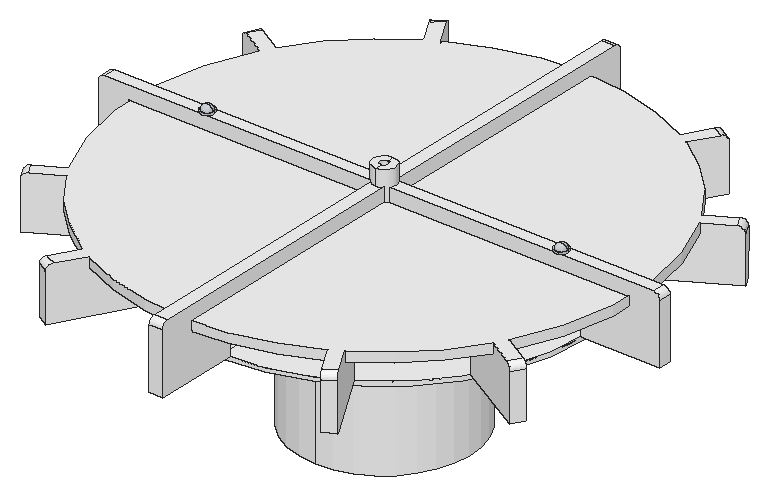
Revit family "MH-500-28", category Plumbing Fixtures, host Face, Revit 2018
Family settings
  Host = Face
  Round Connector Dimension = Use Radius
  Part Type = Normal
  Cut with Voids When Loaded = No
  Shared = No
  Room Calculation Point = No
Parameters (values of type "MH-500-28-Ø5"")
  WFU = 0
  URL = "WWW.MIFAB.COM"
  Pipe Radius = Pipe Diameter / 2  # 0' - 2 1/2"
  Pipe Diameter = 0' - 5"
  Model = "MH-500-28"
  Manufacturer = "MIFAB"
  B Body Diameter = 0' - 11 205/256"
  A Air Baffle/ Inducer Diameter = 1' - 2 5/8"
  Floor Drain Material = Paint - Sherwin Williams Paint - #952C2A - Bellwood Red
  Description = "SIPHONIC ROOF DRAIN"
  Default Elevation = 0' - 0"
  CWFU = 0
  Body Height = 0' - 4 3/8"
  Assembly Code = ""
Reference planes (in)
  plane 1 "Center (Front/Back)": y = 0
  plane 2: z = 0
  plane 3 "Center (Left/Right)": x = 0
  plane 4: z = -3
  plane 5: z = -2.375
  plane 6: y = -2.5
  plane 7: y = 2.5
  plane 8: z = -8.125
  plane 9: y = -3.10687
  plane 10: x = -1
  plane 11: x = 1
  plane 12: y = -2.38189
  plane 13: y = -5.90039
  plane 14: y = 5.90039
  plane 15 "0": z = -4.375
  plane 16: z = 0.8125
  plane 17: z = 0.5625
  plane 18: y = 7.3125
  plane 19: y = -7.3125
  plane 20: x = -0.19624
  plane 21: x = 0.19624
  plane 22: x = -7.3125
  plane 23: x = 7.3125
  plane 24: y = 0.18061
  plane 25: y = -0.18061
  plane 26: z = 2.01434
  plane 27: z = 1.28855
  plane 28: z = -1.5
  plane 29: x = -4.6941
  plane 30: x = -5.90039
  plane 31: x = 5.90039
  plane 32: through (-5.25312, 5.08609, 48) normal (-0.7071, 0.7071, 0)
  plane 33: through (5.08832, -5.25535, 48) normal (-0.7071, 0.7071, 0)
  plane 34: through (0.00111, -0.00111, 48) normal (-0.7071, 0.7071, 0)
  plane 35: through (-5.08609, -5.25535, 48) normal (-0.7071, -0.7071, 0)
  plane 36: through (5.25535, 5.08609, 48) normal (-0.7071, -0.7071, 0)
  plane 37: through (0.00111, -0.00111, 48) normal (-0.7071, -0.7071, 0)
Forms (in)
  Revolve 1, solid, material "Paint - Sherwin Williams Paint - #952C2A - Bellwood Red" <- "Floor Drain Material"
    sketch origin (0, 0.04396, -2.375) x (0, 1, 0) y (0, 0, 1)
      loop
        line (-2.54396, 1.75689) -> (-2.54396, -2) -> (-2.42585, -2) -> (-2.42585, 1.875)
        arc (-2.42585, 1.875) -> (-2.5723, 2.22855) -> (-2.92585, 2.375) r 0.5
        line (-2.92585, 2.375) -> (-5.94435, 2.375) -> (-5.94435, 2.25689) -> (-3.04396, 2.25689)
        arc (-3.04396, 2.25689) -> (-2.69041, 2.11044) -> (-2.54396, 1.75689) r 0.5
      axis (-0.04396, -2) -> (-0.04396, 2.375)
    angle from 0 to 360
  Revolve 2, solid, material "Paint - Sherwin Williams Paint - #952C2A - Bellwood Red" <- "Floor Drain Material"
    sketch origin (0, 0, 0) x (0, 1, 0) y (0, 0, 1)
      loop
        line (-0.32401, 1.5625) -> (-7.3125, 1.5625) -> (-7.3125, 1.28855) -> (0, 1.28855) -> (0, 2.2026) -> (-0.12033, 2.2026) -> (-0.12033, 2.40922) -> (-0.32401, 2.40922) -> (-0.32401, 1.5625)
      axis (0, 1.28855) -> (0, 2.40922)
    angle from 0 to 360
  Extrusion 3, solid, material "Paint - Sherwin Williams Paint - #952C2A - Bellwood Red" <- "Floor Drain Material"
    sketch origin (0, 0, 0) x (0, 1, 0) y (0, 0, 1)
      loop
        line (8.37417, 0) -> (8.37417, 1.76241)
        arc (8.37417, 1.76241) -> (8.31811, 1.89776) -> (8.18276, 1.95382) r 0.19141
        line (8.18276, 1.95382) -> (-8.15151, 1.95382)
        arc (-8.15151, 1.95382) -> (-8.28686, 1.89776) -> (-8.34292, 1.76241) r 0.19141
        line (-8.34292, 1.76241) -> (-8.34292, 0) -> (-5.90039, 0) -> (-5.90039, 1.28855) -> (-7.30968, 1.28855) -> (-7.30968, 1.5625) -> (7.3125, 1.5625) -> (7.3125, 1.28855) -> (5.90039, 1.28855) -> (5.90039, 0) -> (8.37417, 0)
    from -0.19624 to 0.19624
  Extrusion 4, solid, material "Paint - Sherwin Williams Paint - #952C2A - Bellwood Red" <- "Floor Drain Material"
    sketch origin (0, 0, 0) x (1, 0, 0) y (0, 0, 1)
      loop
        line (-8.21011, 0) -> (-5.90039, 0) -> (-5.90039, 1.28855) -> (-7.3125, 1.28855) -> (-7.3125, 1.5625) -> (7.3125, 1.5625) -> (7.3125, 1.28855) -> (5.90039, 1.28855) -> (5.90039, 0) -> (8.21011, 0) -> (8.21011, 1.76201)
        arc (8.21011, 1.76201) -> (8.15393, 1.89764) -> (8.0183, 1.95382) r 0.19181
        line (8.0183, 1.95382) -> (-8.0187, 1.95382)
        arc (-8.0187, 1.95382) -> (-8.15404, 1.89776) -> (-8.21011, 1.76241) r 0.19141
        line (-8.21011, 1.76241) -> (-8.21011, 0)
    from -0.18061 to 0.18061
  Extrusion 5, solid, material "Paint - Sherwin Williams Paint - #952C2A - Bellwood Red" <- "Floor Drain Material"
    sketch origin (0, 0, 0) x (1, 0, 0) y (0, 1, 0)
      loop
        circle (-6.00437, 0) r 0.10682
      loop
        circle (6.00437, 0) r 0.10682
    from 0.04425 to 1.28855
  Extrusion 6, solid, material "Paint - Sherwin Williams Paint - #952C2A - Bellwood Red" <- "Floor Drain Material"
    sketch origin (8.16842, -14.14953, -6.66276) x (-0.5, 0.866025, 0) y (0, 0, 1)
      loop
        line (24.52042, 8.22526) -> (22.23805, 8.22526) -> (22.23805, 6.66276) -> (24.71183, 6.66276) -> (24.71183, 8.03385)
        arc (24.71183, 8.03385) -> (24.65576, 8.1692) -> (24.52042, 8.22526) r 0.19141
    from -0.19624 to 0.19624
  Extrusion 7, solid, material "Paint - Sherwin Williams Paint - #952C2A - Bellwood Red" <- "Floor Drain Material"
    sketch origin (14.14842, -8.17035, -6.66276) x (-0.866025, 0.5, 0) y (0, 0, 1)
      loop
        line (24.52042, 8.22526) -> (22.23805, 8.22526) -> (22.23805, 6.66276) -> (24.71183, 6.66276) -> (24.71183, 8.03385)
        arc (24.71183, 8.03385) -> (24.65576, 8.1692) -> (24.52042, 8.22526) r 0.19141
    from -0.19624 to 0.19624
  Extrusion 8, solid, material "Paint - Sherwin Williams Paint - #952C2A - Bellwood Red" <- "Floor Drain Material"
    sketch origin (-8.16842, -14.14953, -6.66276) x (0.5, 0.866025, 0) y (0, 0, -1)
      loop
        arc (24.52042, -8.22526) -> (24.65576, -8.1692) -> (24.71183, -8.03385) r 0.19141
        line (24.71183, -8.03385) -> (24.71183, -6.66276) -> (22.23805, -6.66276) -> (22.23805, -8.22526) -> (24.52042, -8.22526)
    from -0.19624 to 0.19624
  Extrusion 9, solid, material "Paint - Sherwin Williams Paint - #952C2A - Bellwood Red" <- "Floor Drain Material"
    sketch origin (-14.14842, -8.17035, -6.66276) x (0.866025, 0.5, 0) y (0, 0, -1)
      loop
        arc (24.52042, -8.22526) -> (24.65576, -8.1692) -> (24.71183, -8.03385) r 0.19141
        line (24.71183, -8.03385) -> (24.71183, -6.66276) -> (22.23805, -6.66276) -> (22.23805, -8.22526) -> (24.52042, -8.22526)
    from -0.19624 to 0.19624
  Extrusion 10, solid, material "Paint - Sherwin Williams Paint - #952C2A - Bellwood Red" <- "Floor Drain Material"
    sketch origin (14.14842, 8.17035, -6.66276) x (-0.866025, -0.5, 0) y (0, 0, -1)
      loop
        arc (24.52042, -8.22526) -> (24.65576, -8.1692) -> (24.71183, -8.03385) r 0.19141
        line (24.71183, -8.03385) -> (24.71183, -6.66276) -> (22.23805, -6.66276) -> (22.23805, -8.22526) -> (24.52042, -8.22526)
    from -0.19624 to 0.19624
  Extrusion 11, solid, material "Paint - Sherwin Williams Paint - #952C2A - Bellwood Red" <- "Floor Drain Material"
    sketch origin (-8.16842, 14.14953, -6.66276) x (0.5, -0.866025, 0) y (0, 0, 1)
      loop
        line (24.52042, 8.22526) -> (22.23805, 8.22526) -> (22.23805, 6.66276) -> (24.71183, 6.66276) -> (24.71183, 8.03385)
        arc (24.71183, 8.03385) -> (24.65576, 8.1692) -> (24.52042, 8.22526) r 0.19141
    from -0.19624 to 0.19624
  Extrusion 12, solid, material "Paint - Sherwin Williams Paint - #952C2A - Bellwood Red" <- "Floor Drain Material"
    sketch origin (-14.14842, 8.17035, -6.66276) x (0.866025, -0.5, 0) y (0, 0, 1)
      loop
        line (24.52042, 8.22526) -> (22.23805, 8.22526) -> (22.23805, 6.66276) -> (24.71183, 6.66276) -> (24.71183, 8.03385)
        arc (24.71183, 8.03385) -> (24.65576, 8.1692) -> (24.52042, 8.22526) r 0.19141
    from -0.19624 to 0.19624
  Extrusion 13, solid, material "Paint - Sherwin Williams Paint - #952C2A - Bellwood Red" <- "Floor Drain Material"
    sketch origin (8.16842, 14.14953, -6.66276) x (-0.5, -0.866025, 0) y (0, 0, -1)
      loop
        arc (24.52042, -8.22526) -> (24.65576, -8.1692) -> (24.71183, -8.03385) r 0.19141
        line (24.71183, -8.03385) -> (24.71183, -6.66276) -> (22.23805, -6.66276) -> (22.23805, -8.22526) -> (24.52042, -8.22526)
    from -0.19624 to 0.19624
  Revolve 14, solid
    sketch origin (0, 0, 0) x (1, 0, 0) y (0, 0, 1)
      loop
        line (-5.17383, 2.12377) -> (-5.17383, 0.95382) -> (-5.07619, 0.95382) -> (-5.07619, 1.95382) -> (-4.97074, 1.95382) -> (-4.97074, 1.99806) -> (-5.02094, 1.99806)
        arc (-5.02094, 1.99806) -> (-5.06683, 2.09807) -> (-5.17383, 2.12377) r 0.12586
      axis (-5.17383, 0.95382) -> (-5.17383, 2.12377)
    angle from 0 to 360
  Revolve 15, solid
    sketch origin (0, 0, 0) x (-1, 0, 0) y (0, 0, 1)
      loop
        line (-5.17383, 2.12377) -> (-5.17383, 0.95382) -> (-5.07619, 0.95382) -> (-5.07619, 1.95382) -> (-4.97074, 1.95382) -> (-4.97074, 1.99806) -> (-5.02094, 1.99806)
        arc (-5.02094, 1.99806) -> (-5.06683, 2.09807) -> (-5.17383, 2.12377) r 0.12586
      axis (-5.17383, 0.95382) -> (-5.17383, 2.12377)
    angle from 0 to 360
Cuts and joins
  joined: Extrusion 3, Extrusion 4, Extrusion 5
  joined: Revolve 1, Revolve 2, Extrusion 6, Extrusion 7, Extrusion 8, Extrusion 9, Extrusion 10, Extrusion 11, Extrusion 12, Extrusion 13
Lines and regions (in)
  model lines, not visible
    curve 1: line (6.7156, 0, 9.07611) -> (12.5156, 0, 9.07611)
    curve 2: line (12.5156, 0, 9.07611) -> (12.5156, 0, 10.82611)
    curve 3: line (12.5156, 0, 10.82611) -> (6.7156, 0, 10.82611)
    curve 4: line (6.7156, 0, 10.82611) -> (6.7156, 0, 9.07611)
    curve 5: line (7.13163, 0, 10.86539) -> (7.13163, 0, 12.86539)
    curve 6: line (7.13163, 0, 12.86539) -> (15.53163, 0, 12.86539)
    curve 7: line (15.53163, 0, 12.86539) -> (15.53163, 0, 10.86539)
    curve 8: line (11.33163, 0, 12.86539) -> (11.33163, 0, 12.36539)
    curve 9: line (10.38306, 10.17879, 0) -> (10.38306, 12.67879, 0)
    curve 10: line (10.38306, 12.67879, 0) -> (20.88306, 12.67879, 0)
    curve 11: line (20.88306, 12.67879, 0) -> (20.88306, 10.17879, 0)
    curve 12: line (15.63306, 12.67879, 0) -> (15.63306, 10.92879, 0)
    curve 13: line (10.06912, 0, 4.67543) -> (10.06912, 0, 6.92543)
    curve 14: line (10.06912, 0, 6.92543) -> (-0.26488, 0, 6.92543)
    curve 15: line (-0.26488, 0, 6.92543) -> (-0.26488, 0, 4.42543)
    curve 16: line (10.75678, 9.64709, 0) -> (10.75678, 10.89709, 0)
    curve 17: line (10.75678, 10.89709, 0) -> (15.25678, 10.89709, 0)
    curve 18: line (15.25678, 10.89709, 0) -> (15.25678, 9.64709, 0)
    curve 19: line (13.00678, 10.89709, 0) -> (13.00678, 10.14709, 0)
    curve 20: line (6.88273, 9.30587, 0) -> (6.88273, 10.55587, 0)
    curve 21: line (6.88273, 10.55587, 0) -> (20.08273, 10.55587, 0)
    curve 22: line (20.08273, 10.55587, 0) -> (20.08273, 9.30587, 0)
    curve 23: line (13.48273, 10.55587, 0) -> (13.48273, 9.80587, 0)
    curve 24: line (16.96132, 12.87513, 0) -> (16.96132, 15.37513, 0)
    curve 25: line (16.96132, 15.37513, 0) -> (27.46132, 15.37513, 0)
    curve 26: line (27.46132, 15.37513, 0) -> (27.46132, 12.87513, 0)
    curve 27: line (22.21132, 15.37513, 0) -> (22.21132, 14.12513, 0)
    curve 28: line (4.80401, 26.27015, 0) -> (4.80401, 28.52015, 0)
    curve 29: line (4.80401, 28.52015, 0) -> (15.86651, 28.52015, 0)
    curve 30: line (15.86651, 28.52015, 0) -> (15.86651, 26.27015, 0)
    curve 31: line (10.33526, 28.52015, 0) -> (10.33526, 27.02015, 0)
    curve 32: line (4.80401, 26.27015, 0) -> (4.80401, 28.52015, 0)
    curve 33: line (4.80401, 28.52015, 0) -> (9.80401, 28.52015, 0)
    curve 34: line (9.80401, 28.52015, 0) -> (9.80401, 26.27015, 0)
    curve 35: line (7.30401, 28.52015, 0) -> (7.30401, 27.02015, 0)
    curve 36: line (4.30401, 26.27015, 0) -> (4.30401, 28.52015, 0)
    curve 37: line (4.30401, 28.52015, 0) -> (10.30401, 28.52015, 0)
    curve 38: line (10.30401, 28.52015, 0) -> (10.30401, 26.27015, 0)
    curve 39: line (7.30401, 28.52015, 0) -> (7.30401, 27.02015, 0)
    curve 40: line (10.02403, 24.13739, 0) -> (10.02403, 27.63739, 0)
    curve 41: line (10.02403, 27.63739, 0) -> (16.39403, 27.63739, 0)
    curve 42: line (16.39403, 27.63739, 0) -> (16.39403, 24.13739, 0)
    curve 43: line (13.20903, 27.63739, 0) -> (13.20903, 25.88739, 0)
  model lines
    curve 44: line (7.98491, 0.18061, 0) -> (7.98491, -0.18061, 0)
Dimensions and locks (in)
  equal spacing: plane 7, plane 1 "Center (Front/Back)", plane 6
  "Pipe Diameter": plane 7 to plane 6
  "Pipe Radius": plane 1 "Center (Front/Back)" to plane 6
  plane 2 to plane 8 = 0' - 8 1/8"
  plane 11 to plane 10 = 0' - 2"
  locked: plane 12 to plane 6 at 0.11811
  equal spacing: plane 14, plane 1 "Center (Front/Back)", plane 13
  "B Body Diameter": plane 14 to plane 13
  "Body Height": plane 15 "0" to plane 2
  plane 16 to plane 2 = 0' - 0 13/16"
  locked: plane 16 to plane 17 at 0.25
  equal spacing: plane 18, plane 1 "Center (Front/Back)", plane 19
  "A Air Baffle/ Inducer Diameter": plane 18 to plane 19
  Extrusion 3 sketch curve to Extrusion 3 sketch curve to plane 18 = 0' - 0 49/256" locked, 0' - 0.87026" locked
  plane 19 to Extrusion 3 sketch curve to Extrusion 3 sketch curve = 0' - 0.83901" locked, 0' - 0 49/256" locked
  equal spacing: plane 20, plane 3 "Center (Left/Right)", plane 21
  equal spacing: plane 22, plane 3 "Center (Left/Right)", plane 23
  "A Air Baffle/ Inducer Diameter": plane 22 to plane 23
  equal spacing: plane 25, plane 1 "Center (Front/Back)", plane 24
  plane 26 to level = 0' - 2.01434"
  locked: plane 22 to Extrusion 5 sketch curve at 1.30813
  locked: Extrusion 5 sketch curve to plane 23 at 1.30813
  locked: level to plane 28 at 1.5
  equal spacing: plane 30, plane 3 "Center (Left/Right)", plane 31
  "B Body Diameter": plane 30 to plane 31
  equal spacing: plane 33, plane 34, plane 32
  "A Air Baffle/ Inducer Diameter": plane 32 to plane 33
  "A Air Baffle/ Inducer Diameter": plane 36 to plane 35
  equal spacing: plane 35, plane 37, plane 36
  plane 25 to plane 24 = 0' - 0.36122"
  plane 20 to plane 21 = 0' - 0.39247"
  locked: plane 23 to Extrusion 4 sketch curve at 0.7058
  locked: plane 22 to Extrusion 4 sketch curve at 0.7062
  aligned and locked: plane 2 to host face
  aligned and locked: level to host face
  aligned and locked: Revolve 1 sketch curve to plane 6
  aligned and locked: plane 12 to Revolve 1 sketch curve
  aligned and locked: plane 15 "0" to Revolve 1 sketch curve
  aligned and locked: Revolve 2 sketch curve to plane 1 "Center (Front/Back)"
  aligned and locked: Revolve 2 sketch curve to plane 19
  aligned and locked: Extrusion 3 to plane 20
  aligned and locked: Extrusion 3 to plane 21
  aligned and locked: plane 24 to Extrusion 4
  aligned and locked: Extrusion 4 to plane 25
  aligned and locked: Extrusion 5 to plane 27
  aligned and locked: Revolve 1 sketch curve to plane 13
  aligned and locked: Revolve 1 sketch curve to host face
  aligned and locked: Revolve 2 sketch curve to cut or joined group of Extrusion 3, Extrusion 4, Extrusion 5
  aligned and locked: Revolve 2 sketch curve to plane 27
  aligned and locked: plane 18 to Extrusion 3 sketch curve
  aligned and locked: Extrusion 4 sketch curve to plane 22
  aligned and locked: Extrusion 4 sketch curve to Revolve 2
  aligned and locked: Extrusion 4 sketch curve to plane 31
  aligned and locked: plane 23 to Extrusion 4 sketch curve
Automatic sketch dimensions
  curve 5 to curve 7 = 0' - 8.4"
  curve 5 to curve 8 = 0' - 4.2"
  curve 5 to curve 5 = 0' - 2"
  curve 7 to curve 6 = 0' - 2"
  curve 8 to curve 8 = 0' - 0 1/2"
  curve 32 to curve 34 = 0' - 5"
  curve 35 to curve 34 = 0' - 2 1/2"
  curve 35 to curve 33 = 0' - 1 1/2"
  curve 32 to curve 33 = 0' - 2 1/4"
  curve 34 to curve 35 = 0' - 0 3/4"
  curve 36 to curve 38 = 0' - 6"
  curve 39 to curve 38 = 0' - 3"
  curve 39 to curve 37 = 0' - 1 1/2"
  curve 36 to curve 37 = 0' - 2 1/4"
  curve 38 to curve 39 = 0' - 0 3/4"
  plane 25 to curve 44 = 0' - 0"
  curve 44 to plane 24 = 0' - 0"
  curve 44 to plane 23 = 0' - 0.67241"
  host sketch curve to host sketch curve = 8' - 0"  (x2)
  Revolve 1 sketch curve to plane 1 "Center (Front/Back)" = 0' - 0"
  plane 9 to Revolve 1 sketch curve = 0' - 0.10687"
  Revolve 1 sketch curve to Revolve 1 sketch curve = 0' - 0.11811"  (x2)
  plane 15 "0" to Revolve 1 sketch curve = 0' - 1 3/8"
  plane 8 to Revolve 1 sketch curve = 0' - 0 1/8"
  Revolve 2 sketch curve to plane 1 "Center (Front/Back)" = 0' - 0"
  plane 25 to Revolve 2 sketch curve = 0' - 0.1434"
  Revolve 2 sketch curve to plane 25 = 0' - 0.06028"
  plane 26 to Revolve 2 sketch curve = 0' - 0.18826"
  Revolve 2 sketch curve to Revolve 2 sketch curve = 0' - 0.20662"
  plane 27 to Revolve 2 sketch curve = 0' - 0.02395"
  plane 26 to Revolve 2 sketch curve = 0' - 0.18592"
  Extrusion 3 sketch curve to plane 27 = 0' - 0"  (x2)
  Extrusion 3 sketch curve to plane 13 = 0' - 0"
  Extrusion 3 sketch curve to plane 14 = 0' - 0"
  Extrusion 3 sketch curve to level = 0' - 0"  (x2)
  plane 19 to Extrusion 3 sketch curve = 0' - 0.00282"
  plane 27 to Extrusion 3 sketch curve = 0' - 0.27395"
  Extrusion 3 sketch curve to plane 26 = 0' - 0.25193"
  Extrusion 4 sketch curve to level = 0' - 0"  (x2)
  Extrusion 4 sketch curve to plane 30 = 0' - 0"
  Extrusion 4 sketch curve to plane 27 = 0' - 0"
  Extrusion 4 sketch curve to plane 22 = 0' - 0.89761"
  Extrusion 4 sketch curve to plane 23 = 0' - 0.89761"
  Extrusion 4 sketch curve to Extrusion 4 sketch curve = 0' - 0.27395"
  Extrusion 4 sketch curve to plane 26 = 0' - 0.25233"
  plane 1 "Center (Front/Back)" to Extrusion 5 sketch curve = 0' - 0"  (x2)
  level to Extrusion 6 sketch curve = 0' - 0"
  plane 27 to Extrusion 6 sketch curve = 0' - 0.27395"
  Extrusion 6 sketch curve to Extrusion 6 sketch curve = 0' - 2.28237"
  plane 27 to Extrusion 6 sketch curve = 0' - 0.08254"
  level to Extrusion 7 sketch curve = 0' - 0"
  plane 27 to Extrusion 7 sketch curve = 0' - 0.27395"
  Extrusion 7 sketch curve to Extrusion 7 sketch curve = 0' - 2.28237"
  plane 27 to Extrusion 7 sketch curve = 0' - 0.08254"
  level to Extrusion 8 sketch curve = 0' - 0"
  plane 27 to Extrusion 8 sketch curve = 0' - 0.27395"
  Extrusion 8 sketch curve to Extrusion 8 sketch curve = 0' - 2.28237"
  plane 27 to Extrusion 8 sketch curve = 0' - 0.08254"
  level to Extrusion 9 sketch curve = 0' - 0"
  plane 27 to Extrusion 9 sketch curve = 0' - 0.27395"
  Extrusion 9 sketch curve to Extrusion 9 sketch curve = 0' - 2.28237"
  plane 27 to Extrusion 9 sketch curve = 0' - 0.08254"
  Extrusion 10 sketch curve to level = 0' - 0"
  plane 27 to Extrusion 10 sketch curve = 0' - 0.27395"
  Extrusion 10 sketch curve to Extrusion 10 sketch curve = 0' - 2.28237"
  plane 27 to Extrusion 10 sketch curve = 0' - 0.08254"
  Extrusion 11 sketch curve to level = 0' - 0"
  plane 27 to Extrusion 11 sketch curve = 0' - 0.27395"
  Extrusion 11 sketch curve to Extrusion 11 sketch curve = 0' - 2.28237"
  plane 27 to Extrusion 11 sketch curve = 0' - 0.08254"
  Extrusion 12 sketch curve to level = 0' - 0"
  plane 27 to Extrusion 12 sketch curve = 0' - 0.27395"
  Extrusion 12 sketch curve to Extrusion 12 sketch curve = 0' - 2.28237"
  plane 27 to Extrusion 12 sketch curve = 0' - 0.08254"
  Extrusion 13 sketch curve to level = 0' - 0"
  plane 27 to Extrusion 13 sketch curve = 0' - 0.27395"
  Extrusion 13 sketch curve to Extrusion 13 sketch curve = 0' - 2.28237"
  plane 27 to Extrusion 13 sketch curve = 0' - 0.08254"
  plane 26 to Revolve 14 sketch curve = 0' - 0.10943"
  Revolve 14 sketch curve to plane 29 = 0' - 0.47973"
  Revolve 14 sketch curve to plane 26 = 0' - 0.01349"
  Revolve 14 sketch curve to Revolve 14 sketch curve = 0' - 0.02705"
  Revolve 14 sketch curve to Revolve 14 sketch curve = 0' - 0.07059"
  Revolve 14 sketch curve to plane 26 = 0' - 0.01628"
  Revolve 14 sketch curve to Revolve 14 sketch curve = 0' - 0.0502"
  Revolve 14 sketch curve to plane 26 = 0' - 0.06052"
  plane 16 to Revolve 14 sketch curve = 0' - 0.14132"
  Revolve 14 sketch curve to Revolve 14 sketch curve = 0' - 0"
  plane 26 to Revolve 14 sketch curve = 0' - 0.03386"
  Revolve 14 sketch curve to Revolve 14 sketch curve = 0' - 0.00015"
  Revolve 15 sketch curve to plane 26 = 0' - 0.10943"
  Revolve 15 sketch curve to plane 31 = 0' - 0 93/128"
  plane 26 to Revolve 15 sketch curve = 0' - 0.01349"
  Revolve 15 sketch curve to Revolve 15 sketch curve = 0' - 0.02705"
  Revolve 15 sketch curve to Revolve 15 sketch curve = 0' - 0.07059"
  plane 26 to Revolve 15 sketch curve = 0' - 0.01628"
  Revolve 15 sketch curve to Revolve 15 sketch curve = 0' - 0.0502"
  plane 26 to Revolve 15 sketch curve = 0' - 0.06052"
  Revolve 15 sketch curve to plane 16 = 0' - 0.14132"
  Revolve 15 sketch curve to Revolve 15 sketch curve = 0' - 0"
  Revolve 15 sketch curve to plane 26 = 0' - 0.03386"
  Revolve 15 sketch curve to Revolve 15 sketch curve = 0' - 0.00015"
  radius of Extrusion 5 sketch curve = 0' - 0.10682"  (x2)
Connectors (in)
  piping at (0, 0, -4.375), diameter 5, driven by "Pipe Radius"
    settings: on Revolve 1, index 1, connector inside diameter 24", connector length 0' - 0", flow factor 0, pipe flow 0 GPM, pressure drop 0.00 psi, fitting loss kfactor 0, connector angle 0.00°, fixture units 0, engagement length 0' - 0", angle of deflection 0.00°, flow configuration 0, flow direction 0, fitting loss method 0, system type 7, joint type 0, gender type 0, connector reference index -1, connector utility 0, adjustable connector no, is connector primary yes, connector description ""
